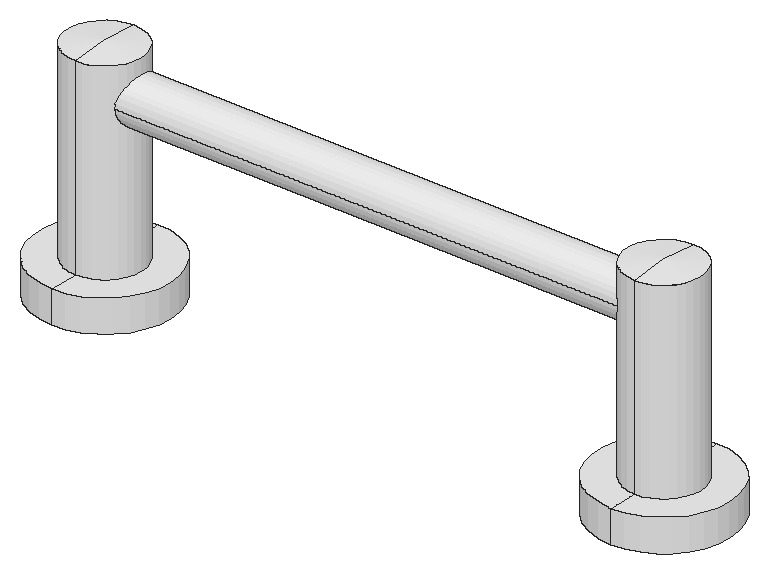
Revit family "Towel Rail-Single-Caroma Cosmo Metal", category Specialty Equipment, host Face, Revit 2013
Parameters (values of type "Hand Towel Rail-200mm")
  URL = "http://www.caroma.com.au/"
  Type Comments = if(Size = 1, "Caroma Cosmo Metal Hand Towel Rail 200mm", if(Size = 2, "Caroma Cosmo Metal Single Towel Rail 600mm", "Caroma Cosmo Metal Single Towel Rail 900mm"))  # "Caroma Cosmo Metal Hand Towel Rail 200mm"
  Size = 1
  ModifiedIssue_ANZRS = 1  # constant formula
  Model = if(Size = 1, "308128C", if(Size = 2, "306128C", "306132C"))  # "308128C"
  Material_ANZRS = Metal-Chrome-Caroma
  Manufacturer = "GWA Bathrooms & Kitchens"  # constant formula
  Length_ANZRS = if(Size = 1, 190 mm, if(Size = 2, 590 mm, 890 mm))  # 190 mm
  Description = ""
  Default Elevation = 900 mm
  CreatedBy_ANZRS = "Design Content"  # constant formula
  CreatedByURL_ANZRS = "www.designcontent.com.au"
  Cost = 0
  Assembly Code = "C1030200"
Types (4, lengths in mm): name | Type Comments | Size | Model | Length_ANZRS
  (no name) | "Caroma Cosmo Metal Hand Towel Rail 200mm" | 1 | "308128C" | 190
  Hand Towel Rail-200mm | "Caroma Cosmo Metal Hand Towel Rail 200mm" | 1 | "308128C" | 190
  Single Towel Rail-600mm | "Caroma Cosmo Metal Single Towel Rail 600mm" | 2 | "306128C" | 590
  Single Towel Rail-900mm | "Caroma Cosmo Metal Single Towel Rail 900mm" | 3 | "306132C" | 890
Reference planes
  plane 1 "Center (Elevation)": y = 0
  plane 2 "Back": z = 0
  plane 3 "Center (Left/Right)": x = 0
  plane 4 "Left": x = -95
  plane 5 "Right": x = 95
  plane 6 "Top": y = 22.466
  plane 7 "Bottom": y = -22.5
  plane 8 "Front": z = 77
Forms (mm)
  Revolve 1, solid, material "Metal-Chrome-Caroma" <- "Material_ANZRS"
    sketch origin (-95, 0, 0) x (0, 1, 0) y (0, 0, 1)
      loop
        line (0, 0) -> (22.466, 0) -> (22.466, 11) -> (12.5, 11) -> (12.5, 75.994)
        arc (12.5, 75.994) -> (6.27, 76.748) -> (0, 77) r 78.127
        line (0, 77) -> (0, 0)
      axis (0, 77) -> (0, 0)
    angle from 0 to 360
  Extrusion 2, solid, material "Metal-Chrome-Caroma" <- "Material_ANZRS"
    sketch origin (0, 0, 0) x (0, 1, 0) y (0, 0, 1)
      loop
        circle (0, 63) r 8
    from -95 to 95
  Revolve 3, solid, material "Metal-Chrome-Caroma" <- "Material_ANZRS"
    sketch origin (95, 0, 0) x (0, 1, 0) y (0, 0, 1)
      loop
        line (0, 0) -> (22.466, 0) -> (22.466, 11) -> (12.5, 11) -> (12.5, 75.994)
        arc (12.5, 75.994) -> (6.27, 76.748) -> (0, 77) r 78.127
        line (0, 77) -> (0, 0)
      axis (0, 77) -> (0, 0)
    angle from 0 to 360
Cuts and joins
  joined: Revolve 1, Extrusion 2, Revolve 3
Dimensions and locks
  "Length_ANZRS": plane 4 "Left" to plane 5 "Right"
  equal spacing: plane 4 "Left", plane 3 "Center (Left/Right)", plane 5 "Right"
  aligned and locked: plane 2 "Back" to host face
  aligned and locked: level to host face
  aligned and locked: Extrusion 2 to plane 4 "Left"
  aligned and locked: plane 5 "Right" to Extrusion 2
Automatic sketch dimensions
  host sketch curve to host sketch curve = 2438.4 mm  (x2)
  Extrusion 2 sketch curve to plane 1 "Center (Elevation)" = 0 mm
  Extrusion 2 sketch curve to plane 8 "Front" = 14 mm
  Revolve 1 sketch curve to plane 6 "Top" = 0 mm
  Revolve 1 sketch curve to plane 1 "Center (Elevation)" = 0 mm  (x2)
  Revolve 1 sketch curve to level = 0 mm
  Revolve 1 sketch curve to plane 8 "Front" = 0 mm
  level to Revolve 1 sketch curve = 11 mm
  Revolve 1 sketch curve to level = 24.096 mm
  Revolve 1 sketch curve to level = 7.879 mm
  Revolve 1 sketch curve to level = 1.127 mm
  Revolve 1 sketch curve to plane 8 "Front" = 1.006 mm
  Revolve 3 sketch curve to level = 0 mm
  Revolve 3 sketch curve to plane 1 "Center (Elevation)" = 0 mm  (x2)
  Revolve 3 sketch curve to plane 6 "Top" = 0 mm
  Revolve 3 sketch curve to plane 8 "Front" = 0 mm
  Revolve 3 sketch curve to plane 8 "Front" = 1.006 mm
  Revolve 3 sketch curve to plane 1 "Center (Elevation)" = 12.5 mm
  level to Revolve 3 sketch curve = 11 mm
  Revolve 3 sketch curve to Revolve 3 sketch curve = 22.969 mm
  Revolve 3 sketch curve to Revolve 3 sketch curve = 6.752 mm
  radius of Extrusion 2 sketch curve = 8 mm
